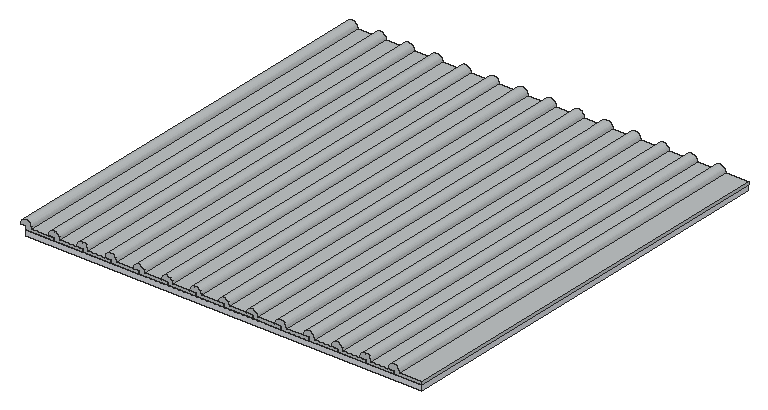
Revit family "Tambour Ellis .5 in - 36 x 36", category Generic Models, host Face, Revit 2023
Family settings
  Host = Face
  Can host rebar = No
  Round Connector Dimension = Use Diameter
  Part Type = Normal
  Cut with Voids When Loaded = No
  Maintain Annotation Orientation = No
  Shared = No
  Room Calculation Point = No
Parameters (values of type "Tambour Ellis - 36 x 36 - SW MATTE LIGHT GRAY")
  Tambour Material = Cambio Color Block - Morning Fog
  Default Elevation = 4' - 0"
Types (7): name | Tambour Material
  (no name) | Cambio Color Block - Morning Fog
  Tambour Ellis - 36 x 36 - OAK | Cambio Wood Veneer - Oak
  Tambour Ellis - 36 x 36 - WALNUT | Cambio Wood Veneer - Walnut
  Tambour Ellis - 36 x 36 - SW MATTE BLACK | Cambio Color Block - Tricorn Black
  Tambour Ellis - 36 x 36 - SW MATTE GRAY | Cambio Color Block - Serious Gray
  Tambour Ellis - 36 x 36 - SW MATTE LIGHT GRAY | Cambio Color Block - Morning Fog
  Tambour Ellis - 36 x 36 - SW MATTE WHITE | Cambio Color Block - White Flour
Reference planes (in)
  plane 1 "Center (Front/Back)": y = 0
  plane 2: z = 0
  plane 3 "Center (Left/Right)": x = 0
  plane 4 "Face Of Substrate": z = 0.47244
Dimensions and locks (in)
  aligned and locked: plane 2 to host face
  aligned and locked: level to host face
  aligned and locked: nested 1 to plane 4 "Face Of Substrate"
Nested families (in)
  nested 1: "35.5 x 36 Substrate" at (0, 0, 0), type "35.5 x 36 Substrate"
  nested 2: "Tambour Ellis Stick - 1in" at (-17.25, 0, 0.47244), type "TAMBOUR .5 X 36""
    with STICK LENGTH 3' - 0"
  nested 3: "Tambour Ellis Stick - 1in" at (-14.75, 0, 0.47244), type "TAMBOUR .5 X 36""
    with STICK LENGTH 3' - 0"
  nested 4: "Tambour Ellis Stick - 1in" at (-12.25, 0, 0.47244), type "TAMBOUR .5 X 36""
    with STICK LENGTH 3' - 0"
  nested 5: "Tambour Ellis Stick - 1in" at (-9.75, 0, 0.47244), type "TAMBOUR .5 X 36""
    with STICK LENGTH 3' - 0"
  nested 6: "Tambour Ellis Stick - 1in" at (-7.25, 0, 0.47244), type "TAMBOUR .5 X 36""
    with STICK LENGTH 3' - 0"
  nested 7: "Tambour Ellis Stick - 1in" at (-4.75, 0, 0.47244), type "TAMBOUR .5 X 36""
    with STICK LENGTH 3' - 0"
  nested 8: "Tambour Ellis Stick - 1in" at (-2.25, 0, 0.47244), type "TAMBOUR .5 X 36""
    with STICK LENGTH 3' - 0"
  nested 9: "Tambour Ellis Stick - 1in" at (0.25, 0, 0.47244), type "TAMBOUR .5 X 36""
    with STICK LENGTH 3' - 0"
  nested 10: "Tambour Ellis Stick - 1in" at (2.75, 0, 0.47244), type "TAMBOUR .5 X 36""
    with STICK LENGTH 3' - 0"
  nested 11: "Tambour Ellis Stick - 1in" at (5.25, 0, 0.47244), type "TAMBOUR .5 X 36""
    with STICK LENGTH 3' - 0"
  nested 12: "Tambour Ellis Stick - 1in" at (7.75, 0, 0.47244), type "TAMBOUR .5 X 36""
    with STICK LENGTH 3' - 0"
  nested 13: "Tambour Ellis Stick - 1in" at (10.25, 0, 0.47244), type "TAMBOUR .5 X 36""
    with STICK LENGTH 3' - 0"
  nested 14: "Tambour Ellis Stick - 1in" at (12.75, 0, 0.47244), type "TAMBOUR .5 X 36""
    with STICK LENGTH 3' - 0"
  nested 15: "Tambour Ellis Stick - 1in" at (15.25, 0, 0.47244), type "TAMBOUR .5 X 36""
    with STICK LENGTH 3' - 0"
Definition of nested family "35.5 x 36 Substrate"
  Parameters (values of type "35.5 x 36 Substrate")
    Width = 2' - 11 1/2"
    Substrate Material = none
    Substrate Height = 1' - 3"
    Height = 3' - 0"
    Default Elevation = 4' - 0"
  Reference planes (in)
    plane 1 "Center (Front/Back)": y = 0
    plane 2: z = 0
    plane 3 "Center (Left/Right)": x = 0
    plane 4: x = -17.75
    plane 5: x = 17.75
  Forms (in)
    Extrusion 1, solid
      sketch origin (0, 0, 0) x (1, 0, 0) y (0, 1, 0)
        loop
          line (-48, 48) -> (-48, -48) -> (48, -48) -> (48, 48) -> (-48, 48)
      from 0 to -12
    Extrusion 2, solid, material <- "Substrate Material"
      sketch origin (0, 0, 0) x (1, 0, 0) y (0, 1, 0)
        loop
          line (-17.25, 18) -> (-17.25, -18) -> (17.75, -18) -> (17.75, 18) -> (-17.25, 18)
      from 0 to 0.47244
  Dimensions and locks (in)
    equal spacing: Extrusion 2 sketch curve, plane 1 "Center (Front/Back)", Extrusion 2 sketch curve
    "Height": Extrusion 2 to Extrusion 2
    locked: plane 4 to Extrusion 2 sketch curve at 0.5
    equal spacing: plane 4, plane 3 "Center (Left/Right)", plane 5
    "Width": plane 4 to plane 5
    aligned and locked: plane 2 to Extrusion 1
    aligned and locked: level to Extrusion 1
    aligned and locked: plane 5 to Extrusion 2
  Automatic sketch dimensions
    Extrusion 1 sketch curve to Extrusion 1 sketch curve = 8' - 0"  (x2)
    plane 1 "Center (Front/Back)" to Extrusion 2 sketch curve = 1' - 6"
    plane 3 "Center (Left/Right)" to Extrusion 2 sketch curve = 1' - 5 3/4"
Definition of nested family "Tambour Ellis Stick - 1in"
  Parameters (values of type "TAMBOUR .75 X 18" - OAK")
    TAMBOUR MATERIAL = none
    STICK LENGTH = 1' - 6"
    Default Elevation = 4' - 0"
  Types (25): name | STICK LENGTH
    (no name) | 1' - 6"
    TAMBOUR .75 X 18" - OAK | 1' - 6"
    TAMBOUR .75 X 36" - OAK | 3' - 0"
    TAMBOUR .75 X 54" - OAK | 4' - 6"
    TAMBOUR .75 X 90" - WALNUT | 7' - 6"
    TAMBOUR .75 X 18" - WALNUT | 1' - 6"
    TAMBOUR .75 X 36" - WALNUT | 3' - 0"
    TAMBOUR .75 X 54" - WALNUT | 4' - 6"
    TAMBOUR .75 X 90" - OAK | 7' - 6"
    TAMBOUR .75 X 18" - SW MATTE BLACK | 1' - 6"
    TAMBOUR .75 X 36" - SW MATTE BLACK | 3' - 0"
    TAMBOUR .75 X 54" - SW MATTE BLACK | 4' - 6"
    TAMBOUR .75 X 90" - SW MATTE BLACK | 7' - 6"
    TAMBOUR .75 X 90" - SW MATTE GREY | 7' - 6"
    TAMBOUR .75 X 54" - SW MATTE GREY | 4' - 6"
    TAMBOUR .75 X 36" - SW MATTE GREY | 4' - 6"
    TAMBOUR .75 X 18" - SW MATTE GREY | 1' - 6"
    TAMBOUR .75 X 18" -SW MATTE LIGHT GRAY | 1' - 6"
    TAMBOUR .75 X 36" -SW MATTE LIGHT GRAY | 3' - 0"
    TAMBOUR .75 X 54" -SW MATTE LIGHT GRAY | 4' - 6"
    TAMBOUR .75 X 90" -SW MATTE LIGHT GRAY | 7' - 6"
    TAMBOUR .75 X 90" -SW MATTE WHITE | 7' - 6"
    TAMBOUR .75 X 54" -SW MATTE WHITE | 4' - 6"
    TAMBOUR .75 X 36" -SW MATTE WHITE | 3' - 0"
    TAMBOUR .75 X 18" -SW MATTE WHITE | 1' - 6"
  Reference planes (in)
    plane 1 "Center (Front/Back)": y = 0
    plane 2: z = 0
    plane 3 "Center (Left/Right)": x = 0
    plane 4: y = -9
    plane 5: y = 9
  Forms (in)
    Extrusion 1, solid
      sketch origin (0, 0, 0) x (1, 0, 0) y (0, 1, 0)
        loop
          line (-48, 48) -> (-48, -48) -> (48, -48) -> (48, 48) -> (-48, 48)
      from 0 to -12
    Extrusion 2, solid, material <- "TAMBOUR MATERIAL"
      sketch origin (0, 0, 0) x (1, 0, 0) y (0, 0, 1)
        loop
          line (0, 0) -> (2.5, 0) -> (2.5, 0.25) -> (0.5, 0.25)
          arc (0.5, 0.25) -> (0, 0.75) -> (-0.5, 0.25) r 0.5
          line (-0.5, 0.25) -> (0, 0.25) -> (0, 0)
      from -9 to 9
  Dimensions and locks (in)
    equal spacing: plane 5, plane 1 "Center (Front/Back)", plane 4
    "STICK LENGTH": plane 5 to plane 4
    aligned and locked: plane 2 to Extrusion 1
    aligned and locked: level to Extrusion 1
    aligned and locked: Extrusion 2 to plane 4
    aligned and locked: plane 5 to Extrusion 2
  Automatic sketch dimensions
    Extrusion 1 sketch curve to Extrusion 1 sketch curve = 8' - 0"  (x2)
    Extrusion 2 sketch curve to plane 3 "Center (Left/Right)" = 0' - 0"  (x2)
    Extrusion 2 sketch curve to level = 0' - 0"
    plane 3 "Center (Left/Right)" to Extrusion 2 sketch curve = 0' - 0 1/2"
    Extrusion 2 sketch curve to Extrusion 2 sketch curve = 0' - 2"
    Extrusion 2 sketch curve to Extrusion 2 sketch curve = 0' - 0 1/4"
